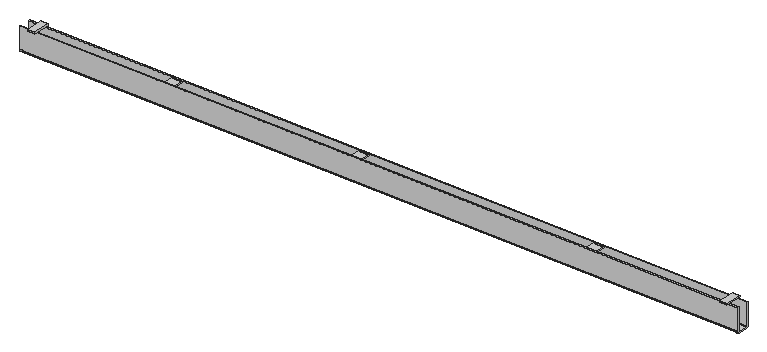
Revit family "LGW_COMPENSATION TUBE LGW 3_1923353", category Generic Models, Revit 2018
Family settings
  Can host rebar = No
  Round Connector Dimension = Use Diameter
  Part Type = Normal
  OmniClass Number = 35.51.14.00
  OmniClass Title = FORMWORK
  Work Plane-Based = Yes
  Always vertical = No
  Cut with Voids When Loaded = No
  Shared = Yes
  Room Calculation Point = No
Parameters
  VERSION = "20190101"  # constant formula
  URL = "www.ulmaconstruction.com/en"
  UNICLASS = ""
  ITEM_CODE = "1923353"
  Manufacturer = "ULMA CONSTRUCTION"  # constant formula
  FILTER [instance] = ""
  Default Elevation = 0.000 mm
  CLASSIFICATION_TITLE = ""
  CLASSIFICATION_NUMBER = ""
Reference planes
  plane 1 "Centro (Frontal/Posterior)": y = 0
  plane 2: z = 0
  plane 3 "Centro (Izquierda/Derecha)": x = 0
  plane 4 "ITEM_HEIGHT": x = 3000
  plane 5 "MIDDLE": y = -25
  plane 6 "HOLE 1": x = 300
  plane 7 "HOLE 2": x = 1500
  plane 8 "HOLE 3": x = 2700
Forms (mm)
  Extrusion 1, solid, material "ULMA ZINC"
    sketch origin (0, 0, 0) x (0, 1, 0) y (0, 0, 1)
      loop
        line (-50, 0) -> (-50, -90.5)
        arc (-50, -90.5) -> (-48.243, -94.743) -> (-44, -96.5) r 6
        line (-44, -96.5) -> (-6, -96.5)
        arc (-6, -96.5) -> (-1.757, -94.743) -> (0, -90.5) r 6
        line (0, -90.5) -> (0, 0) -> (-4, 0) -> (-4, -90.5)
        arc (-4, -90.5) -> (-4.586, -91.914) -> (-6, -92.5) r 2
        line (-6, -92.5) -> (-44, -92.5)
        arc (-44, -92.5) -> (-45.414, -91.914) -> (-46, -90.5) r 2
        line (-46, -90.5) -> (-46, 0) -> (-50, 0)
    from 0 to 3000
  Extrusion 2, solid, material "ULMA ZINC"
    sketch origin (0, 0, 0) x (0, 1, 0) y (0, 0, 1)
      loop
        line (-60, 0) -> (10, 0) -> (10, 5) -> (-60, 5) -> (-60, 0)
    from 40 to 70
  Extrusion 3, solid, material "ULMA ZINC", detail levels fine
    sketch origin (0, 0, 0) x (0, 1, 0) y (0, 0, 1)
      loop
        line (-46, -9) -> (-4, -9) -> (-4, -4) -> (-46, -4) -> (-46, -9)
    from 600 to 640
  Extrusion 4, solid, material "ULMA ZINC"
    sketch origin (760, 0, 0) x (0, 1, 0) y (0, 0, 1)
      loop
        line (-60, 0) -> (10, 0) -> (10, 5) -> (-60, 5) -> (-60, 0)
    from 2170 to 2200
  Extrusion 5, solid, material "ULMA ZINC", detail levels fine
    sketch origin (375, 0, 0) x (0, 1, 0) y (0, 0, 1)
      loop
        line (-46, -9) -> (-4, -9) -> (-4, -4) -> (-46, -4) -> (-46, -9)
    from 1005 to 1045
  Extrusion 6, solid, material "ULMA ZINC", detail levels fine
    sketch origin (1835, 0, 0) x (0, 1, 0) y (0, 0, 1)
      loop
        line (-46, -9) -> (-4, -9) -> (-4, -4) -> (-46, -4) -> (-46, -9)
    from 525 to 565
Lines and regions (mm)
  model lines, style "ULMA PANELS", detail levels fine
    curve 1: circle (300, -25, -96.5) r 12.5 normal (0, 0, 1)
    curve 2: circle (1500, -25, -96.5) r 12.5 normal (0, 0, 1)
    curve 3: circle (2700, -25, -96.5) r 12.5 normal (0, 0, 1)
    curve 4: circle (300, -25, -92.5) r 12.5 normal (0, 0, 1)
    curve 5: circle (1500, -25, -92.5) r 12.5 normal (0, 0, 1)
    curve 6: circle (2700, -25, -92.5) r 12.5 normal (0, 0, 1)
Dimensions and locks
  plane 3 "Centro (Izquierda/Derecha)" to plane 4 "ITEM_HEIGHT" = 3000.000 mm
  aligned and locked: level to plane 2
  aligned and locked: plane 4 "ITEM_HEIGHT" to Extrusion 1
